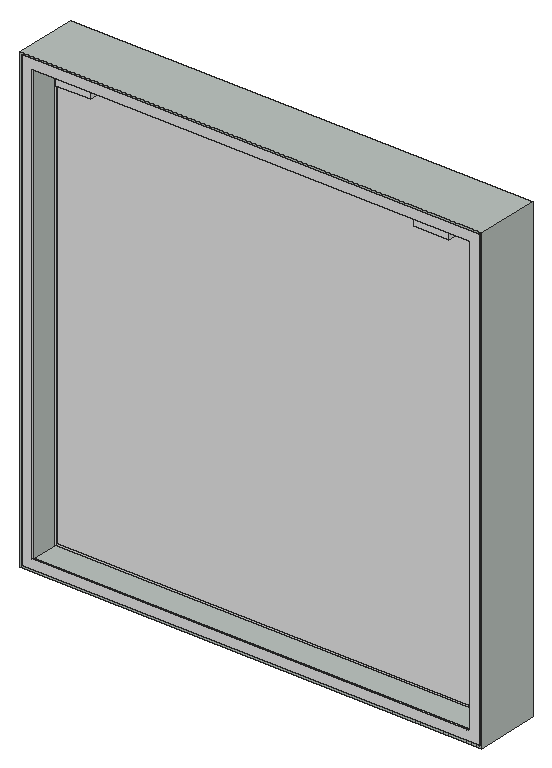
Revit family "Einschub", category HLS-Bauteile, Revit 2018
Family settings
  Basisbauteil = Wand
  Bemaßung runder Anschluss = Durchmesser verwenden
  Teiletyp = Normal
  Immer vertikal = Ja
  Beim Laden mit Abzugskörper schneiden = Nein
  Gemeinsam genutzt = Nein
  Raumberechnungspunkt = Nein
Parameters (values of type "Gipskarton25 - 400x400")
  Wandbreite [instance] = 100.0 mm
  Vh = 0.5 * (Hz - H_1_3)  # 50.5 mm
  Vb = 0.5 * (Bz - B_1_3)  # 50.5 mm
  T_plate = 1.5 mm
  T2 = 35.0 mm
  Rohbauöffnung = yes
  H4 = 379.0 mm
  H5 = 394.0 mm
  H2_Min = H + 1.0 mm  # 401.0 mm
  H2_Max = H + 10.0 mm  # 410.0 mm
  H = 400.0 mm
  H0 = 1650.0 mm
  Hz = 500.0 mm
  H_1_3 = 399.0 mm
  HAN = "21019"
  B4 = 379.0 mm
  B5 = 394.0 mm
  Bz = 500.0 mm
  B2_min = B + 1.0 mm  # 401.0 mm
  B2_Max = B + 10.0 mm  # 410.0 mm
  B = 400.0 mm
  B_1_3 = 399.0 mm
  T1 = 20.0 mm
Types (11, lengths in mm): name | T2 | H4 | H5 | H2_Min | H2_Max | H | Hz | H_1_3 | HAN | B4 | B5 | Bz | B2_min | B2_Max | B | B_1_3 | T1
  Gipskarton25 - 600x600 | 55.0 | 579.0 | 594.0 | 601.0 | 610.0 | 600.0 | 700.0 | 599.0 | "21021" | 579.0 | 594.0 | 700.0 | 601.0 | 610.0 | 600.0 | 599.0 | 20.0
  Gipskarton25 - 500x500 | 35.0 | 479.0 | 494.0 | 501.0 | 510.0 | 500.0 | 600.0 | 499.0 | "20120" | 479.0 | 494.0 | 600.0 | 501.0 | 510.0 | 500.0 | 499.0 | 20.0
  Gipskarton25 - 400x400 | 35.0 | 379.0 | 394.0 | 401.0 | 410.0 | 400.0 | 500.0 | 399.0 | "21019" | 379.0 | 394.0 | 500.0 | 401.0 | 410.0 | 400.0 | 399.0 | 20.0
  Gipskarton25 - 800x800 | 35.0 | 779.0 | 794.0 | 801.0 | 810.0 | 800.0 | 900.0 | 799.0 | "21022" | 779.0 | 794.0 | 900.0 | 801.0 | 810.0 | 800.0 | 799.0 | 20.0
  Gipskarton25 - 300x300 | 35.0 | 279.0 | 294.0 | 301.0 | 310.0 | 300.0 | 400.0 | 299.0 | "21018" | 279.0 | 294.0 | 400.0 | 301.0 | 310.0 | 300.0 | 299.0 | 20.0
  Gipskarton12.5 - 200x200 | 28.5 | 179.0 | 194.0 | 201.0 | 210.0 | 200.0 | 300.0 | 199.0 | "21012" | 179.0 | 194.0 | 300.0 | 201.0 | 210.0 | 200.0 | 199.0 | 14.0
  Gipskarton12.5 - 300x300 | 28.5 | 279.0 | 294.0 | 301.0 | 310.0 | 300.0 | 400.0 | 299.0 | "21013" | 279.0 | 294.0 | 400.0 | 301.0 | 310.0 | 300.0 | 299.0 | 14.0
  Gipskarton12.5 - 400x400 | 28.5 | 379.0 | 394.0 | 401.0 | 410.0 | 400.0 | 500.0 | 399.0 | "21014" | 379.0 | 394.0 | 500.0 | 401.0 | 410.0 | 400.0 | 399.0 | 14.0
  Gipskarton12.5 - 500x500 | 28.5 | 479.0 | 494.0 | 501.0 | 510.0 | 500.0 | 600.0 | 499.0 | "21015" | 479.0 | 494.0 | 600.0 | 501.0 | 510.0 | 500.0 | 499.0 | 14.0
  Gipskarton12.5 - 600x600 | 28.5 | 579.0 | 594.0 | 601.0 | 610.0 | 600.0 | 700.0 | 599.0 | "21016" | 579.0 | 594.0 | 700.0 | 601.0 | 610.0 | 600.0 | 599.0 | 14.0
  Gipskarton12.5 - 800x800 | 28.5 | 779.0 | 794.0 | 801.0 | 810.0 | 800.0 | 900.0 | 799.0 | "21017" | 779.0 | 794.0 | 900.0 | 801.0 | 810.0 | 800.0 | 799.0 | 14.0
Reference planes
  plane 1 "Wand": y = 0
  plane 2 "Mitte (Links/rechts)": x = 125
  plane 3 "Hinten": y = 50
  plane 4: z = 1650
  plane 5 "Vorne": y = -50
  plane 6: x = -125
  plane 7: x = -74.5
  plane 8: x = 324.5
  plane 9: x = 375
  plane 10: z = 1900
  plane 11: z = 1849.5
  plane 12: z = 1450.5
  plane 13: z = 1400
  plane 14: z = 1453
  plane 15: x = 322
  plane 16: x = -72
  plane 17: x = 314.5
  plane 18: x = -64.5
  plane 19: z = 1839.5
  plane 20: z = 1460.5
  plane 21: y = 50
  plane 22: y = 30
  plane 23: z = 1850
  plane 24: z = 1450
  plane 25: z = 1847
  plane 26: x = 325
  plane 27: x = -75
  plane 28: y = -5
  plane 29: y = 31.5
  plane 30: y = -3.5
  plane 31: z = 1855
  plane 32: z = 1445
Forms (mm)
  Extrusion 1, solid, material "BROWN"
    sketch origin (0, 0, 0) x (1, 0, 0) y (0, 0, 1)
      loop
        line (324.5, 1849.5) -> (-74.5, 1849.5) -> (-74.5, 1450.5) -> (324.5, 1450.5) -> (324.5, 1849.5)
      loop
        line (-73, 1848) -> (-73, 1452) -> (323, 1452) -> (323, 1848) -> (-73, 1848)
    from -50 to 5
  Extrusion 2, solid, material "WHITE", detail levels medium+fine
    sketch origin (0, 0, 0) x (1, 0, 0) y (0, 0, 1)
      loop
        line (-72, 1847) -> (-72, 1453) -> (322, 1453) -> (322, 1847) -> (-72, 1847)
      loop
        line (-70.5, 1845.5) -> (-70.5, 1454.5) -> (320.5, 1454.5) -> (320.5, 1845.5) -> (-70.5, 1845.5)
    from -50 to -30
  Extrusion 3, solid, material "GREEN", detail levels medium+fine
    sketch origin (0, 0, 0) x (1, 0, 0) y (0, 0, 1)
      loop
        line (320.5, 1845.5) -> (-70.5, 1845.5) -> (-70.5, 1454.5) -> (320.5, 1454.5) -> (320.5, 1845.5)
    from -50 to -31.5
  Extrusion 4, solid, material "WHITE", detail levels medium+fine
    sketch origin (0, 0, 0) x (1, 0, 0) y (0, 0, 1)
      loop
        line (-72, 1847) -> (-72, 1453) -> (322, 1453) -> (322, 1847) -> (-72, 1847)
    from -31.5 to -30
  Extrusion 5, solid, material "WHITE", detail levels medium+fine
    sketch origin (0, 0, 0) x (1, 0, 0) y (0, 0, 1)
      loop
        line (-73, 1848) -> (-73, 1452) -> (323, 1452) -> (323, 1848) -> (-73, 1848)
      loop
        line (-64.5, 1839.5) -> (-64.5, 1460.5) -> (314.5, 1460.5) -> (314.5, 1839.5) -> (-64.5, 1839.5)
    from 3.5 to 5
  Extrusion 6, solid, material "WHITE", detail levels fine
    sketch origin (0, 30, 0) x (1, 0, 0) y (0, 0, 1)
      loop
        line (-44.5, 1848) -> (-44.5, 1833) -> (-14.5, 1833) -> (-14.5, 1848) -> (-44.5, 1848)
      loop
        line (294.5, 1848) -> (264.5, 1848) -> (264.5, 1833) -> (294.5, 1833) -> (294.5, 1848)
    from 0 to 33.5
  Extrusion 7, solid, material "GREEN", detail levels coarse
    sketch origin (0, 0, 0) x (1, 0, 0) y (0, 0, 1)
      loop
        line (-73, 1848) -> (-73, 1452) -> (323, 1452) -> (323, 1848) -> (-73, 1848)
    from -50 to -30
  Extrusion 8, solid, material "WHITE", detail levels coarse
    sketch origin (0, 0, 0) x (1, 0, 0) y (0, 0, 1)
      loop
        line (-73, 1848) -> (-73, 1452) -> (323, 1452) -> (323, 1848) -> (-73, 1848)
    from -30 to 5
Text (mm)
  text "Placement Side" at (-1848.837, 1116.779, 0), in view "Ref.-Ebene"
  text "Placement side" at (0, 1409.804, 2854.306), in view "Links"
  text "Placement side" at (0, 499.811, 2980.732), in view "Rechts"
Dimensions and locks
  locked: plane 3 "Hinten" to host wall
  "Wandbreite": plane 5 "Vorne" to plane 3 "Hinten"
  equal spacing: plane 5 "Vorne", host wall, plane 3 "Hinten"
  "Bz": plane 6 to plane 9
  "H0": plane 4 to level
  "B_1_3": plane 7 to plane 8
  "H_1_3": plane 11 to plane 12
  "Hz": plane 10 to plane 13
  equal spacing: plane 16, plane 2 "Mitte (Links/rechts)", plane 15
  "B5": plane 16 to plane 15
  "B4": plane 18 to plane 17
  "H4": plane 20 to plane 19
  "H": plane 24 to plane 23
  "H5": plane 14 to plane 25
  equal spacing: plane 18, plane 2 "Mitte (Links/rechts)", plane 17
  equal spacing: plane 7, plane 2 "Mitte (Links/rechts)", plane 8
  equal spacing: plane 6, plane 2 "Mitte (Links/rechts)", plane 9
  equal spacing: plane 14, plane 4, plane 25
  equal spacing: plane 20, plane 4, plane 19
  equal spacing: plane 24, plane 4, plane 23
  equal spacing: plane 13, plane 4, plane 10
  equal spacing: plane 12, plane 4, plane 11
  equal spacing: plane 27, plane 2 "Mitte (Links/rechts)", plane 26
  "B": plane 27 to plane 26
  locked: plane 3 "Hinten" to plane 21 at 0
  "T1": plane 22 to plane 3 "Hinten"
  "T2": plane 22 to plane 28
  "T_plate": Extrusion 1 sketch curve to plane 8
  "T_plate": plane 12 to Extrusion 1 sketch curve
  "T_plate": plane 7 to Extrusion 1 sketch curve
  "T_plate": Extrusion 1 sketch curve to plane 11
  locked: plane 29 to plane 22 at 1.5
  Extrusion 3 to plane 15 = 1.5 mm
  "T_plate": Extrusion 2 sketch curve to plane 15
  "T_plate": plane 16 to Extrusion 2 sketch curve
  "T_plate": plane 14 to Extrusion 2 sketch curve
  "T_plate": Extrusion 2 sketch curve to plane 25
  "T_plate": plane 30 to plane 28
  locked: plane 7 to Extrusion 6 sketch curve at 30
  locked: Extrusion 6 sketch curve to Extrusion 6 sketch curve at 30  (x2)
  locked: Extrusion 5 to Extrusion 6 sketch curve at 15  (x2)
  locked: Extrusion 6 sketch curve to plane 8 at 30
  equal spacing: plane 31, plane 4, plane 32
  "H2_Max": plane 31 to plane 32
  locked: plane 31 to nested 1 at 0
  aligned and locked: plane 1 "Wand" to host wall
  aligned and locked: host wall to Extrusion 1
  aligned and locked: host wall to Extrusion 2
  aligned and locked: Extrusion 2 to plane 22
  aligned and locked: Extrusion 1 sketch curve to plane 11
  aligned and locked: plane 8 to Extrusion 1 sketch curve
  aligned and locked: plane 12 to Extrusion 1 sketch curve
  aligned and locked: Extrusion 1 sketch curve to plane 7
  aligned and locked: host wall to Extrusion 3
  aligned and locked: Extrusion 3 to plane 29
  aligned and locked: Extrusion 1 to plane 28
  aligned and locked: Extrusion 4 to Extrusion 3
  aligned and locked: Extrusion 4 to plane 22
  aligned and locked: plane 25 to Extrusion 2 sketch curve
  aligned and locked: Extrusion 2 sketch curve to plane 14
  aligned and locked: Extrusion 2 sketch curve to plane 15
  aligned and locked: plane 16 to Extrusion 2 sketch curve
  aligned and locked: Extrusion 2 to Extrusion 3 sketch curve  (x3)
  aligned and locked: Extrusion 3 sketch curve to Extrusion 2
  aligned and locked: Extrusion 5 sketch curve to Extrusion 1  (x4)
  aligned and locked: Extrusion 5 to plane 28
  aligned and locked: plane 30 to Extrusion 5
  aligned and locked: plane 28 to Extrusion 1
  aligned and locked: plane 20 to Extrusion 5 sketch curve
  aligned and locked: plane 17 to Extrusion 5 sketch curve
  aligned and locked: Extrusion 5 sketch curve to plane 18
  aligned and locked: Extrusion 5 sketch curve to plane 19
  aligned and locked: Extrusion 5 to Extrusion 6 sketch curve
  aligned and locked: Extrusion 6 sketch curve to Extrusion 5
  aligned and locked: plane 22 to Extrusion 6
  aligned and locked: Extrusion 6 to Extrusion 5
  aligned and locked: Extrusion 7 sketch curve to Extrusion 1  (x4)
  aligned and locked: host wall to Extrusion 7
  aligned and locked: Extrusion 7 to plane 22
  aligned and locked: Extrusion 8 to plane 28
  aligned and locked: plane 22 to Extrusion 8
Automatic sketch dimensions
  Extrusion 4 sketch curve to plane 14 = 0.0 mm
  plane 16 to Extrusion 4 sketch curve = 0.0 mm
  plane 15 to Extrusion 4 sketch curve = 0.0 mm
  Extrusion 4 sketch curve to plane 25 = 0.0 mm
  plane 16 to Extrusion 8 sketch curve = 1.0 mm
  Extrusion 8 sketch curve to plane 15 = 1.0 mm
  Extrusion 8 sketch curve to plane 14 = 1.0 mm
  plane 25 to Extrusion 8 sketch curve = 1.0 mm
Nested families
  nested 1: "Wandöffnung rechteckig" at (250, 0, -85.446) x (-1, 0, 0) z (0, 0, 1), Breite Aussparung <- "B2_Max", Höhe Aussparung <- "H2_Max", visible <- "Rohbauöffnung", type "WD"
    with Vorzeichen Umkehrung -10.0 mm, Unterer virtueller Schnittkörper 10.0 mm, Tiefe Aussparung 100.0 mm, Oberer virtueller Schnittkörper 10.0 mm, Linien verdeckt Ansicht no, Linien verdeckt no, Linien ausgezogen Ansicht yes, Linien ausgezogen yes, Höhe Aussparung 410.0 mm, Breite Aussparung 410.0 mm, Aussparung verdeckt no, Aussparung undurchsichtig yes, Aussparung höhenbezogen darstellen yes, Ausklinkungsansicht (nur bei Schatten) 0.0 mm, Ah 0.0 mm, Ab 0.0 mm, A2 410.0 mm, A1 410.0 mm, 2D Symbol Schnitt none, 2D Symbol Grundriss none, 2D Symbol Ansicht none
Definition of nested family "Wandöffnung rechteckig"
  Parameters (values of type "WD")
    Wandbreite [instance] = 150.0 mm
    Oberer virtueller Schnittkörper [instance] = 10.0 mm
    Vorzeichen Umkehrung [instance] = -1 * Unterer virtueller Schnittkörper  # -10.0 mm
    Präfix Beschriftung Aussparung = "B/H/T ="
    Aussparung verdeckt [instance] = or(Oberer virtueller Schnittkörper > Höhe Aussparung / 2, Unterer virtueller Schnittkörper > Höhe Aussparung / 2)  # no
    Breite Aussparung [instance] = 1000.0 mm
    Aussparung undurchsichtig [instance] = not(Linien verdeckt)  # yes
    Aussparung höhenbezogen darstellen [instance] = yes
    Höhe Aussparung [instance] = 1400.0 mm
    Tiefe2 Aussparung [instance] = if(Durchbruch, Wandbreite, if(not(Tiefe Aussparung < Wandbreite), Wandbreite - 10.0 mm, Tiefe Aussparung))  # 150.0 mm
    Tiefe Aussparung [instance] = 100.0 mm
    Ausklinkung Grundriss (nur bei Schatten) [instance] = if(and(Tiefe2 Aussparung > 400.0 mm, Breite Aussparung > 400.0 mm), 80.0 mm, if(Tiefe2 Aussparung < Breite Aussparung, Tiefe2 Aussparung * 0.2, Breite Aussparung * 0.2))  # 30.0 mm
    Ausklinkungsansicht (nur bei Schatten) [instance] = Ab  # 50.0 mm
    Kerbenschnitt (nur bei Schatten) [instance] = if(and(Tiefe2 Aussparung > 400.0 mm, Höhe Aussparung > 400.0 mm), 80.0 mm, if(Tiefe2 Aussparung < Höhe Aussparung, Tiefe2 Aussparung * 0.2, Höhe Aussparung * 0.2))  # 30.0 mm
    Unterer virtueller Schnittkörper [instance] = 10.0 mm
    Linien ausgezogen Ansicht [instance] = Durchbruch  # yes
    Linien ausgezogen [instance] = not(Linien verdeckt)  # yes
    Verdeckt außerhalb Maskierung [instance] = Wandbreite < 0.0 mm  # no
    Linien verdeckt Ansicht [instance] = not(Durchbruch)  # no
    Linien verdeckt [instance] = and(Aussparung verdeckt, Aussparung höhenbezogen darstellen)  # no
    Durchbruch = yes
    Aussparung Tiefe2 [instance] = if(Durchbruch, Wandbreite, if(not(Tiefe Aussparung < Wandbreite), Wandbreite - 10.0 mm, Tiefe Aussparung))  # 150.0 mm
    Ah [instance] = 50.0 mm
    A2 [instance] = Höhe Aussparung - 2 * Ah  # 1300.0 mm
    A1 [instance] = Breite Aussparung - 2 * Ab  # 900.0 mm
    Ab [instance] = 50.0 mm
    2D Symbol Ansicht [instance] = Schatten gefüllt : Schatten gefüllt
    2D Symbol Schnitt [instance] = Kreuz : Kreuz
    2D Symbol Grundriss [instance] = Kreuz : Kreuz
  Reference planes
    plane 1 "Wand": y = 0
    plane 2 "Mitte (Links/rechts)": x = 125
    plane 3 "Hinten": y = 75
    plane 4: z = 1940.446
    plane 5 "Mitte (Oben/Unten)": z = 1240.446
    plane 6: z = 540.446
    plane 7: x = 625
    plane 8: x = -375
    plane 9: y = 0
    plane 10 "Vorn": y = -75
    plane 11 "Gegenüber": y = -75
    plane 12: x = 575
    plane 13: x = -325
    plane 14: z = 1890.446
    plane 15: z = 590.446
  Forms (mm)
    Extrusion 1, void
      sketch origin (0, 75, -100) x (1, 0, 0) y (0, 0, 1)
        loop
          line (625, 2040.446) -> (-375, 2040.446) -> (-375, 640.446) -> (625, 640.446) -> (625, 2040.446)
      from 0 to 150
  Text (mm)
    text "Platzierungsseite" at (-1848.837, 1116.779, 0), in view "Ref.-Ebene"
    text "Platzierungsseite" at (0, 1409.804, 2854.306), in view "Links"
    text "Platzierungsseite" at (0, 499.811, 2980.732), in view "Rechts"
  Dimensions and locks
    locked: plane 3 "Hinten" to host wall
    equal spacing: plane 8, plane 2 "Mitte (Links/rechts)", plane 7
    "Breite Aussparung": plane 8 to plane 7
    equal spacing: plane 6, plane 5 "Mitte (Oben/Unten)", plane 4
    "Höhe Aussparung": plane 6 to plane 4
    "Wandbreite": host wall to host wall
    equal spacing: plane 3 "Hinten", plane 9, plane 10 "Vorn"
    "Tiefe2 Aussparung": plane 10 "Vorn" to plane 3 "Hinten"
    "Ab": plane 8 to plane 13
    "Ab": plane 7 to plane 12
    "Ah": plane 15 to plane 6
    "Ah": plane 4 to plane 14
    aligned and locked: plane 1 "Wand" to host wall
    aligned and locked: nested 2 to plane 9
    aligned and locked: plane 10 "Vorn" to nested 2
    aligned and locked: nested 1 to plane 9
    aligned and locked: plane 4 to Extrusion 1
    aligned and locked: Extrusion 1 to plane 6
    aligned and locked: plane 8 to Extrusion 1
    aligned and locked: Extrusion 1 to plane 7
    aligned and locked: plane 10 "Vorn" to Extrusion 1
    aligned and locked: Extrusion 1 to plane 3 "Hinten"
    aligned and locked: plane 5 "Mitte (Oben/Unten)" to nested 1
    aligned and locked: plane 11 "Gegenüber" to host wall
    aligned and locked: plane 5 "Mitte (Oben/Unten)" to nested 3
    aligned and locked: plane 2 "Mitte (Links/rechts)" to nested 3
    aligned and locked: plane 5 "Mitte (Oben/Unten)" to nested 4
    aligned and locked: plane 2 "Mitte (Links/rechts)" to nested 4
    aligned and locked: plane 2 "Mitte (Links/rechts)" to nested 5
    aligned and locked: nested 5 to plane 9
    aligned and locked: plane 5 "Mitte (Oben/Unten)" to nested 6
    aligned and locked: nested 6 to host wall
  Automatic sketch dimensions
    plane 4 to Extrusion 1 sketch curve = 0.0 mm
    plane 8 to Extrusion 1 sketch curve = 0.0 mm
    Extrusion 1 sketch curve to plane 6 = 0.0 mm
    plane 7 to Extrusion 1 sketch curve = 0.0 mm
  Nested families
    nested 1: "Kreuz" at (125, 0, 1240.446) x (0, -1, 0) z (1, 0, 0), Tiefe <- "A2", Breite <- "Tiefe2 Aussparung", type <- "2D Symbol Schnitt", Wand maskieren <- "Verdeckt außerhalb Maskierung", Verdeckte Linien <- "Verdeckt außerhalb Maskierung", type "Kreuz"
      with Wand maskieren no, Verdeckte Linien no, Tiefe 1300.0 mm, Linien ausgezogen yes, Füllungssymbol yes, Breite 150.0 mm
    nested 2: "Kreuz" at (125, 0, 1240.446), Breite <- "A1", Tiefe <- "Tiefe2 Aussparung", Wand maskieren <- "Aussparung undurchsichtig", Linien ausgezogen <- "Linien ausgezogen", Verdeckte Linien <- "Linien verdeckt", type <- "2D Symbol Grundriss", type "Kreuz"
      with Wand maskieren yes, Verdeckte Linien no, Tiefe 150.0 mm, Linien ausgezogen yes, Füllungssymbol yes, Breite 900.0 mm
    nested 3: "Schatten gefüllt" at (125, 75, 1240.446) x (-1, 0, 0) z (0, -1, 0), Tiefe <- "Höhe Aussparung", Breite <- "Breite Aussparung", Wand maskieren <- "Verdeckt außerhalb Maskierung", Verdeckte Linien <- "Verdeckt außerhalb Maskierung", type <- "2D Symbol Ansicht", Ah0 <- "Ah", Ab0 <- "Ab", type "Schatten gefüllt"
      with Wand maskieren no, Verdeckte Linien no, Tiefe 1400.0 mm, Linien ausgezogen yes, Füllungssymbol yes, Breite 1000.0 mm, Ah0 50.0 mm, Ab0 50.0 mm
    nested 4: "Schatten gefüllt" at (125, -75, 1240.446) x (-1, 0, 0) z (0, -1, 0), Tiefe <- "Höhe Aussparung", Wand maskieren <- "Verdeckt außerhalb Maskierung", Füllungssymbol <- "Verdeckt außerhalb Maskierung", Linien ausgezogen <- "Linien ausgezogen Ansicht", Verdeckte Linien <- "Linien verdeckt Ansicht", Breite <- "Breite Aussparung", type <- "2D Symbol Ansicht", Ab0 <- "Ab", Ah0 <- "Ah", type "Schatten gefüllt"
      with Wand maskieren no, Verdeckte Linien no, Tiefe 1400.0 mm, Linien ausgezogen yes, Füllungssymbol no, Breite 1000.0 mm, Ah0 50.0 mm, Ab0 50.0 mm
    nested 5: "LoMoChuNhat" at (125, 0, 0), B <- "Breite Aussparung", T <- "Tiefe2 Aussparung", type "LoMoChuNhat"
      with Wand maskieren yes, Verdeckte Linien yes, T 150.0 mm, Linien ausgezogen yes, Füllungssymbol yes, B 1000.0 mm
    nested 6: "LoMoChuNhat" at (125, 0, 1240.446) x (0, 0, 1) z (1, 0, 0), B <- "Höhe Aussparung", T <- "Tiefe2 Aussparung", type "LoMoChuNhat"
      with Wand maskieren yes, Verdeckte Linien yes, T 150.0 mm, Linien ausgezogen yes, Füllungssymbol yes, B 1400.0 mm
  Definition of nested family "Kreuz"
    Parameters (values of type "Kreuz gefüllt")
      Breite [instance] = 200.0 mm
      Wand maskieren [instance] = yes
      Linien ausgezogen [instance] = yes
      Verdeckte Linien [instance] = yes
      Füllungssymbol [instance] = yes
      Tiefe [instance] = 100.0 mm
    Reference planes
      plane 1 "Mitte ( Vorne/hinten)": y = 0
      plane 2: z = 0
      plane 3 "Mitte (Links/rechts)": x = 0
      plane 4: y = 50
      plane 5: x = -100
      plane 6: x = 100
      plane 7: y = -50
    Lines and regions (mm)
      Masking region 1, in view "Ref.-Ebene", visible <- "Wand maskieren"
        outline origin (0, 0, 0) x (1, 0, 0) y (0, 1, 0)
          loop
            line (-100, -50) -> (0, 0) -> (-100, 50) -> (-100, -50)
      Masking region 2, in view "Ref.-Ebene", visible <- "Wand maskieren"
        outline origin (0, 0, 0) x (0, 1, 0) y (-1, 0, 0)
          loop
            line (-50, -100) -> (50, -100) -> (0, 0) -> (-50, -100)
      Masking region 3, in view "Ref.-Ebene", visible <- "Wand maskieren"
        outline origin (0, 0, 0) x (1, 0, 0) y (0, 1, 0)
          loop
            line (-100, 50) -> (0, 0) -> (100, 50) -> (-100, 50)
      Masking region 4, in view "Ref.-Ebene", visible <- "Wand maskieren"
        outline origin (0, 0, 0) x (0, -1, 0) y (1, 0, 0)
          loop
            line (50, -100) -> (50, 100) -> (0, 0) -> (50, -100)
      detail lines, in view "Ref.-Ebene", visible <- "Linien ausgezogen"
        curve 1: line (-100, 50, 0) -> (100, 50, 0)
        curve 2: line (-100, -50, 0) -> (-100, 50, 0)
        curve 3: line (100, -50, 0) -> (-100, -50, 0)
        curve 4: line (100, 50, 0) -> (100, -50, 0)
        curve 5: line (-100, -50, 0) -> (100, 50, 0)
        curve 6: line (-100, 50, 0) -> (100, -50, 0)
      detail lines, in view "Ref.-Ebene", visible <- "Verdeckte Linien"
        curve 7: line (-100, 50, 0) -> (100, 50, 0)
        curve 8: line (-100, -50, 0) -> (-100, 50, 0)
        curve 9: line (100, -50, 0) -> (-100, -50, 0)
        curve 10: line (100, 50, 0) -> (100, -50, 0)
        curve 11: line (-100, 50, 0) -> (100, -50, 0)
        curve 12: line (-100, -50, 0) -> (100, 50, 0)
    Dimensions and locks
      equal spacing: plane 5, plane 3 "Mitte (Links/rechts)", plane 6
      equal spacing: plane 4, plane 1 "Mitte ( Vorne/hinten)", plane 7
      "Breite": plane 5 to plane 6
      "Tiefe": plane 4 to plane 7
      aligned and locked: curve 1 to plane 4
      aligned and locked: curve 3 to plane 7
      aligned and locked: Masking region 1 sketch curve to curve 2
      aligned and locked: Masking region 1 sketch curve to curve 6
      aligned and locked: Masking region 1 sketch curve to curve 5
      aligned and locked: Masking region 2 sketch curve to plane 6
      aligned and locked: Masking region 2 sketch curve to curve 5
      aligned and locked: Masking region 2 sketch curve to curve 6
      aligned and locked: Masking region 3 sketch curve to curve 1
      aligned and locked: Masking region 3 sketch curve to curve 6
      aligned and locked: curve 5 to Masking region 3 sketch curve
      aligned and locked: plane 7 to Masking region 4 sketch curve
      aligned and locked: curve 6 to Masking region 4 sketch curve
      aligned and locked: Masking region 4 sketch curve to curve 5
      aligned and locked: plane 6 to curve 10
      aligned and locked: plane 5 to curve 8
  Definition of nested family "Schatten gefüllt"
    Parameters (values of type "Schatten gefüllt")
      Wand maskieren [instance] = yes
      Linien ausgezogen [instance] = yes
      Verdeckte Linien [instance] = no
      Ab0 [instance] = 30.0 mm
      Füllungssymbol [instance] = yes
      Tiefe [instance] = 100.0 mm
      Breite [instance] = 200.0 mm
      Assembly Code = ""
      Ah0 [instance] = 30.0 mm
    Reference planes
      plane 1 "Mitte ( Vorne/hinten)": y = 0
      plane 2: z = 0
      plane 3 "Mitte (Links/rechts)": x = 0
      plane 4: y = 50
      plane 5: x = -100
      plane 6: x = 100
      plane 7: y = -50
      plane 8: y = 20
      plane 9: x = -70
    Lines and regions (mm)
      Filled region 1, type "Schwarz", in view "Referenzebene.", visible <- "Füllungssymbol"
        outline origin (0, 0, 0) x (0, 1, 0) y (-1, 0, 0)
          loop
            line (50, -100) -> (50, 100) -> (-50, 100) -> (20, 70) -> (50, -100)
      Masking region 1, in view "Referenzebene.", visible <- "Wand maskieren"
        outline origin (0, 0, 0) x (0, 1, 0) y (-1, 0, 0)
          loop
            line (-50, -100) -> (50, -100) -> (20, 70) -> (-50, 100) -> (-50, -100)
      detail lines, in view "Referenzebene.", visible <- "Linien ausgezogen"
        curve 1: line (100, 50, 0) -> (-100, 50, 0)
        curve 2: line (100, -50, 0) -> (100, 50, 0)
        curve 3: line (-100, -50, 0) -> (100, -50, 0)
        curve 4: line (-100, 50, 0) -> (-100, -50, 0)
        curve 5: line (100, 50, 0) -> (-70, 20, 0)
        curve 6: line (-70, 20, 0) -> (-100, -50, 0)
      detail lines, in view "Referenzebene.", visible <- "Verdeckte Linien"
        curve 7: line (100, 50, 0) -> (-100, 50, 0)
        curve 8: line (100, -50, 0) -> (100, 50, 0)
        curve 9: line (-100, -50, 0) -> (100, -50, 0)
        curve 10: line (-100, 50, 0) -> (-100, -50, 0)
        curve 11: line (100, 50, 0) -> (-70, 20, 0)
        curve 12: line (-70, 20, 0) -> (-100, -50, 0)
    Dimensions and locks
      equal spacing: plane 5, plane 3 "Mitte (Links/rechts)", plane 6
      "Breite": plane 5 to plane 6
      equal spacing: plane 4, plane 1 "Mitte ( Vorne/hinten)", plane 7
      "Tiefe": plane 7 to plane 4
      "Ah0": plane 4 to plane 8
      "Ab0": plane 5 to plane 9
      aligned and locked: Masking region 1 sketch curve to curve 11
      aligned and locked: Masking region 1 sketch curve to curve 12
      aligned and locked: plane 7 to Masking region 1 sketch curve
      aligned and locked: Masking region 1 sketch curve to plane 6
      aligned and locked: Filled region 1 sketch curve to plane 5
      aligned and locked: plane 4 to Filled region 1 sketch curve
      aligned and locked: curve 4 to plane 5
      aligned and locked: curve 2 to plane 6
      aligned and locked: plane 4 to curve 1
      aligned and locked: plane 7 to curve 3
      aligned and locked: Filled region 1 sketch curve to curve 6
      aligned and locked: Filled region 1 sketch curve to curve 11
    Automatic sketch dimensions
      Masking region 1 sketch curve to plane 8 = 0.0 mm
      Masking region 1 sketch curve to plane 4 = 0.0 mm
      Masking region 1 sketch curve to plane 9 = 0.0 mm
      Masking region 1 sketch curve to plane 5 = 0.0 mm
  Definition of nested family "LoMoChuNhat"
    Parameters (values of type "LoMoChuNhat")
      B [instance] = 200.0 mm
      Wand maskieren [instance] = yes
      Linien ausgezogen [instance] = yes
      Verdeckte Linien [instance] = yes
      Füllungssymbol [instance] = yes
      T [instance] = 100.0 mm
    Reference planes
      plane 1 "Mitte ( Vorne/hinten)": y = 0
      plane 2: z = 0
      plane 3 "Mitte (Links/rechts)": x = 0
      plane 4: y = 50
      plane 5: x = -100
      plane 6: x = 100
      plane 7: y = -50
    Lines and regions (mm)
      detail lines, in view "Ref.-Ebene", visible <- "Linien ausgezogen"
        curve 1: line (-100, 50, 0) -> (100, 50, 0)
        curve 2: line (-100, -50, 0) -> (-100, 50, 0)
        curve 3: line (100, -50, 0) -> (-100, -50, 0)
        curve 4: line (100, 50, 0) -> (100, -50, 0)
      detail lines, in view "Ref.-Ebene", visible <- "Verdeckte Linien"
        curve 5: line (-100, 50, 0) -> (100, 50, 0)
        curve 6: line (-100, -50, 0) -> (-100, 50, 0)
        curve 7: line (100, -50, 0) -> (-100, -50, 0)
        curve 8: line (100, 50, 0) -> (100, -50, 0)
    Dimensions and locks
      equal spacing: plane 5, plane 3 "Mitte (Links/rechts)", plane 6
      equal spacing: plane 4, plane 1 "Mitte ( Vorne/hinten)", plane 7
      "B": plane 5 to plane 6
      "T": plane 4 to plane 7
      aligned and locked: curve 1 to plane 4
      aligned and locked: curve 3 to plane 7
      aligned and locked: plane 6 to curve 8
      aligned and locked: plane 5 to curve 6
